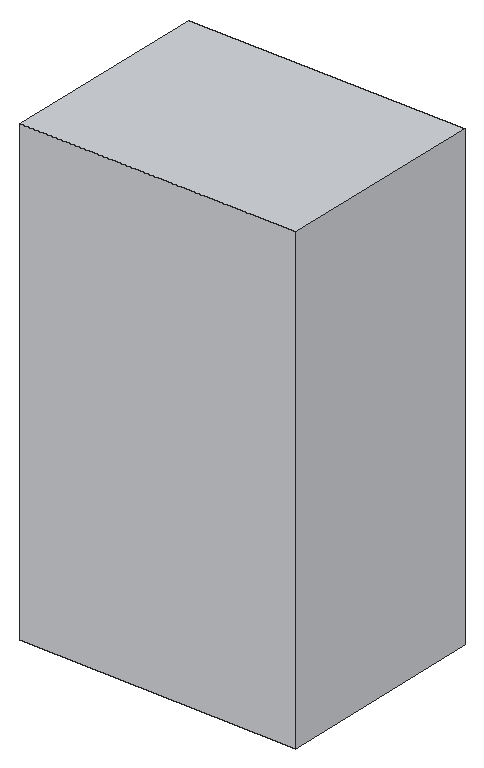
Revit family
Parameters
  Body Material = Metal - Stainless Steel
  Warranty Duration (Years) = 0
  URL = "http://www.americanspecialties.com/viewCategories.cfm"
  Trim Material = Metal - Stainless Steel
  Test Data = ""
  Specification = "http://www.arcat.com/sdspecs/htm/10810asi.htm"
  SpecWizard = ""
  Send Message = "http://www.arcat.com/users.pl?action=UserEmail&company=American%20Specialties,%20Inc.&coid=30448&rep=139&fax=914-476-0688&mf="
  Sales Information = "http://www.americanspecialties.com/contact"
  Revision = "R1_10-2010"
  Product Properties = "http://www.americanspecialties.com/datasheets/0266.pdf"
  Product Data = "http://www.arcat.com/arcatcos/cos30/arc30448.html"
  Model = "As Specified in 10 28 13"
  Manufacturer Website = "http://www.americanspecialties.com/viewCategories.cfm"
  Manufacturer Phone - Toll Free = ""
  Manufacturer Phone = "914-476-9000 "
  Manufacturer Fax = "914-476-0688"
  Manufacturer Address = "441 Saw Mill River Rd., Yonkers, NY 10701"
  Manufacturer = "American Specialties, Inc."
  Maintenance Schedule (Months) = 0
  Keynote = "10 28 13"
  Installation-Fabrication = "http://www.americanspecialties.com/products.cfm"
  Green Building-LEED = ""
  Expected Lifespan (Years) = 0
  Drawn By = "Robert S. Weygant. CSI, CDT, SCIP"  # constant formula
  Description = "Toilet Accessory as Specified in 10 28 13"
  Default Elevation = 4' - 0"
  Copyright = "©Arcat Inc."
  Construction Details = "http://www.arcat.com/green/clients/leed_data_30448.html"
  Building Codes = "http://www.americanspecialties.com/products.cfm"
  Assembly Code = "C1030210"
Reference planes (in)
  plane 1 "Center (Front/Back)": y = -0.29112
  plane 2 "Floor Line": z = 0
  plane 3 "Center (Left/Right)": x = -0.65843
  plane 4: y = 3.58388
  plane 5: y = -4.16612
  plane 6: x = -4.28343
  plane 7: x = 2.96657
Forms (in)
  Extrusion 1, solid
    sketch origin (-3.65843, -10.3328, -6) x (0, 0, -1) y (1, 0, 0)
      loop
        line (-82, 26) -> (-82, -19.34712) -> (-6, -19.34712) -> (-6, 26) -> (-82, 26)
    from 9 to -25.60721
  Extrusion 2, solid, material "Metal - Stainless Steel" <- "Body Material"
    sketch origin (0, 0, 0) x (1, 0, 0) y (0, 1, 0)
      loop
        line (-4.22093, 3.58388) -> (-4.22093, -3.91612)
        arc (-4.22093, -3.91612) -> (-4.14771, -4.09289) -> (-3.97093, -4.16612) r 0.25
        line (-3.97093, -4.16612) -> (2.65407, -4.16612)
        arc (2.65407, -4.16612) -> (2.83084, -4.09289) -> (2.90407, -3.91612) r 0.25
        line (2.90407, -3.91612) -> (2.90407, 3.58388) -> (-4.22093, 3.58388)
      loop
        arc (-2.84593, 1.78533) -> (-2.72093, 1.31883) -> (-2.59593, 1.78533) r 0.25
        line (-2.59593, 1.78533) -> (-2.59593, 2.19383)
        arc (-2.59593, 2.19383) -> (-2.72093, 2.31883) -> (-2.84593, 2.19383) r 0.125
        line (-2.84593, 2.19383) -> (-2.84593, 1.78533)
      loop
        line (1.52907, 1.78533) -> (1.52907, 2.19383)
        arc (1.52907, 2.19383) -> (1.40407, 2.31883) -> (1.27907, 2.19383) r 0.125
        line (1.27907, 2.19383) -> (1.27907, 1.78533)
        arc (1.27907, 1.78533) -> (1.40407, 1.31883) -> (1.52907, 1.78533) r 0.25
      loop
        arc (-2.93968, -1.73144) -> (-3.06468, -1.85644) -> (-2.93968, -1.98144) r 0.125
        line (-2.93968, -1.98144) -> (-1.93968, -1.98144)
        arc (-1.93968, -1.98144) -> (-1.81468, -1.85644) -> (-1.93968, -1.73144) r 0.125
        line (-1.93968, -1.73144) -> (-2.93968, -1.73144)
      loop
        line (1.62282, -1.73144) -> (0.62282, -1.73144)
        arc (0.62282, -1.73144) -> (0.49782, -1.85644) -> (0.62282, -1.98144) r 0.125
        line (0.62282, -1.98144) -> (1.62282, -1.98144)
        arc (1.62282, -1.98144) -> (1.74782, -1.85644) -> (1.62282, -1.73144) r 0.125
    from 0 to 0.0625
  Extrusion 3, solid, material "Metal - Stainless Steel" <- "Body Material"
    sketch origin (-0.65843, 0, 0) x (0, 1, 0) y (0, 0, 1)
      loop
        line (-0.29112, 6.5) -> (-0.29112, 6.4394) -> (3.54741, 0.0625) -> (3.58388, 0.0625) -> (-0.29112, 6.5)
    from -3.625 to 3.625
  Extrusion 4, solid, material "Metal - Stainless Steel" <- "Body Material"
    sketch origin (-0.65843, 0, 0) x (0, 1, 0) y (0, 0, 1)
      loop
        line (3.58388, 0.0625) -> (-0.29112, 6.5) -> (-3.16612, 0.0625) -> (3.58388, 0.0625)
    from -3.625 to -3.5625
  Extrusion 5, solid, material "Metal - Stainless Steel" <- "Body Material"
    sketch origin (-0.65843, 0, 0) x (0, 1, 0) y (0, 0, 1)
      loop
        line (-0.05425, 6.1065) -> (-0.29112, 6.5) -> (-0.36882, 6.326) -> (-0.18817, 6.02589) -> (-0.05425, 6.1065)
    from -3.625 to 3.625
  Extrusion 6, solid, material "Metal - Stainless Steel" <- "Body Material"
    sketch origin (-0.65843, 0, 0) x (0, 1, 0) y (0, 0, -1)
      loop
        line (3.58388, -0.0625) -> (-3.16612, -0.0625) -> (-0.29112, -6.5) -> (3.58388, -0.0625)
    from -3.625 to -3.5625
Cuts and joins
  joined: Extrusion 3, Extrusion 4, Extrusion 5, Extrusion 6
Dimensions and locks (in)
  aligned and locked: plane 4 to Extrusion 2 sketch curve
  aligned and locked: Extrusion 4 to plane 6
  aligned and locked: Extrusion 3 to plane 6
  aligned and locked: Extrusion 3 to plane 7
  aligned and locked: cut or joined group of Extrusion 3, Extrusion 4, Extrusion 5, Extrusion 6 to plane 7
  aligned and locked: cut or joined group of Extrusion 3, Extrusion 4, Extrusion 5, Extrusion 6 to plane 6
